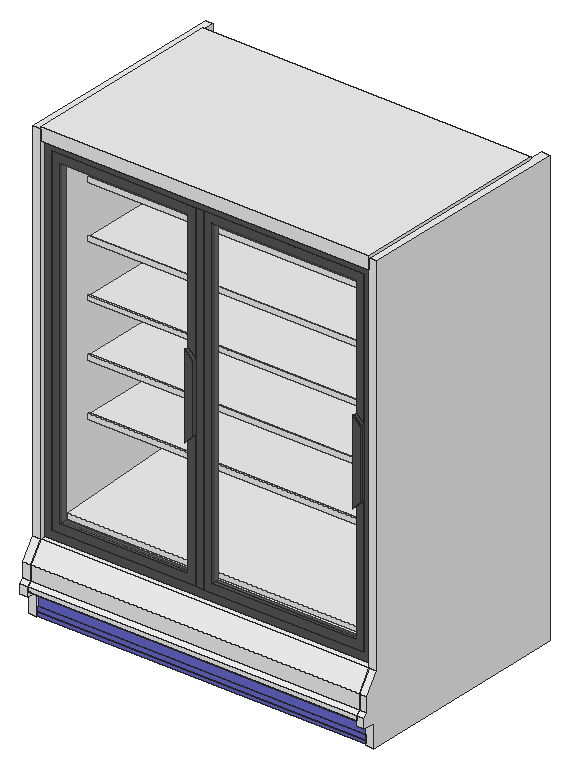
Revit family
Parameters (values of type "RL-2")
  Width = 62"
  Voltage - Electric Defrost [instance] = 208 V
  Voltage [instance] = 120 V
  URL = "www.hussmann.com"
  Type Comments = "LT Reach-In Merchandiser"
  Temp Sensor [instance] = "Low Voltage"
  System Control [instance] = "1.00 A"
  Standard Right End Cap On/Off [instance] = yes
  Standard Left End Cap On/Off [instance] = yes
  Revit Family Dates = "4/23/12PMA(0212)"
  Refrigerant Suction Connection Diameter = 7/8"
  Refrigerant Liquid Connection Diameter = 3/8"
  Refrig. Suction [instance] = "Suction"
  Refrig. Liquid [instance] = "Liquid"
  R.I. RH Doors YES/NO [instance] = no
  R.I. LH Doors YES/NO [instance] = yes
  R.I. - RH Door Swing YES/NO [instance] = no
  R.I. - LH Door Swing YES/NO [instance] = yes
  Phase [instance] = 1
  Number of Shelves = 0
  Model = "RL-2"
  Mirrored Right End Cap On/Off [instance] = no
  Mirrored Left End Cap On/Off [instance] = no
  Manufacturer = "Hussmann Corporation"
  MCA (Min Circ Amp) [instance] = 3.1 A
  Linear Shelf Length = 0"
  Height = 82 3/8"
  Front Height = 0"
  Frequency [instance] = 60 Hz
  Finish_Trim [instance] = Stainless Steel 2
  Finish_Top [instance] = none
  Finish_Shelf [instance] = Stainless Steel
  Finish_Mirror [instance] = none
  Finish_Handle = Metal Black-door
  Finish_Glass [instance] = Glass 2
  Finish_Frame = Metal Black-door
  Finish_Door [instance] = Metal Black-door
  Finish_Case [instance] = Stainless Steel
  Finish_Bumper [instance] = Metal Blue-trim
  Finish_Bracket [instance] = none
  Finish_Base [instance] = Stainless Steel
  Elect. Defrost Amps [instance] = "6.72 A"
  Elect. Def. Amps = 6.72 A
  Drain Pipe Size = "1 1/4\""
  Drain Heaters [instance] = 0.63 A
  Description = "Innovator, Innovator II & Innovator III"
  Depth = 43 3/4"
  Copper-Suction [instance] = Copper
  Copper-Liquid [instance] = Copper
  Case Lights Amps [instance] = "0.36 A"
  Case Lights = 0.36 A
  Case Fans (MCA) [instance] = "3.10 A"
  Assembly Code = ""
Reference planes (in)
  plane 1 "Center (Front/Back)": y = 0
  plane 2: z = 0
  plane 3 "Center (Left/Right)": x = -2.11949
  plane 4: y = -41.625
  plane 5: z = 13
  plane 6: z = 80
  plane 7: z = 82.375
  plane 8: y = -32
  plane 9: y = -43.75
  plane 10: y = -40.75
  plane 11: x = -31.61949
  plane 12: x = 30.38051
  plane 13: x = -28.61949
  plane 14: x = 27.38051
  plane 15: y = -40
  plane 16: y = -39.25
  plane 17 "Dla": x = -2.86949
  plane 18: x = -1.36949
  plane 19: x = 25.88051
  plane 20 "DL": x = -30.11949
  plane 21: x = -15.61949
  plane 22: y = -33.625
Forms (in)
  Extrusion 1, solid, material "Stainless Steel"
    sketch origin (-30.11949, 0, 0) x (0, 1, 0) y (0, 0, 1)
      loop
        line (0, 4.26162) -> (-38.66016, 4.26162) -> (-38.66016, 0) -> (0, 0) -> (0, 4.26162)
    from 0 to -1.5
  Extrusion 2, solid, material "Stainless Steel"
    sketch origin (28.88051, 0, 0) x (0, 1, 0) y (0, 0, 1)
      loop
        line (0, 4.26162) -> (-38.66016, 4.26162) -> (-38.66016, 0) -> (0, 0) -> (0, 4.26162)
    from 0 to 1.5
  Extrusion 3, solid, material "Stainless Steel"
    sketch origin (0, 0, -0.375) x (1, 0, 0) y (0, 1, 0)
      loop
        circle (25.38051, -37) r 0.375
      loop
        circle (25.38051, -37) r 0.36276
      loop
        circle (24.38051, -37) r 0.375
      loop
        circle (24.38051, -37) r 0.36276
      loop
        circle (23.38051, -37) r 0.375
      loop
        circle (23.38051, -37) r 0.36276
      loop
        circle (22.38051, -37) r 0.375
      loop
        circle (22.38051, -37) r 0.36276
      loop
        circle (21.38051, -37) r 0.375
      loop
        circle (21.38051, -37) r 0.36276
    from 4.63662 to 2.98382
  Extrusion 4, solid, material "Stainless Steel"
    sketch origin (0, 0, -0.375) x (1, 0, 0) y (0, 1, 0)
      loop
        circle (-2.86949, -34.625) r 0.625
      loop
        circle (-2.86949, -34.625) r 0.58831
    from 6.42413 to 2.98382
  Extrusion 5, solid, material "Copper" <- "Copper-Suction"
    sketch origin (16.75249, 0, -0.375) x (1, 0, 0) y (0, 1, 0)
      loop
        circle (8.62802, -33) r 0.4375
      loop
        circle (8.62802, -33) r 0.41359
    from 4.26162 to 3.64579
  Extrusion 6, solid, material "Copper" <- "Copper-Liquid"
    sketch origin (16.75249, 0, -0.375) x (1, 0, 0) y (0, 1, 0)
      loop
        circle (7.05443, -33) r 0.1875
      loop
        circle (7.05443, -33) r 0.17284
    from 4.26162 to 3.64579
  Extrusion 7, solid, material "Stainless Steel"
    sketch origin (-30.11949, 0, 0) x (0, -1, 0) y (0, 0, 1)
      loop
        line (0, 1.76162) -> (32, 1.76162) -> (32, 4.26162) -> (0, 4.26162) -> (0, 1.76162)
    from 0.13 to -59
  Extrusion 8, solid, material "Stainless Steel"
    sketch origin (-30.11949, 0, 0) x (0, -1, 0) y (0, 0, 1)
      loop
        line (0.5532, 0) -> (2.8032, 0) -> (2.8032, 1.76162) -> (0.5532, 1.76162) -> (0.5532, 0)
      loop
        line (29.1968, 0) -> (31.4468, 0) -> (31.4468, 1.76162) -> (29.1968, 1.76162) -> (29.1968, 0)
    from 0.13 to -59
  Extrusion 9, solid, material "Stainless Steel"
    sketch origin (-31.61949, 0, 0) x (0, -1, 0) y (0, 0, 1)
      loop
        line (0, 4.26162) -> (2.5, 4.26162) -> (2.5, 49.76162) -> (0, 49.76162) -> (0, 4.26162)
    from 0 to -62
  Extrusion 10, solid, material "Stainless Steel"
    sketch origin (-31.61949, 0, 0) x (0, -1, 0) y (0, 0, 1)
      loop
        line (5, 4.26162) -> (37.75, 4.26162) -> (40.75, 5.99367) -> (40.75, 7.99367) -> (38.5, 7.99367) -> (36.55546, 6.04913) -> (33.05546, 6.04913) -> (32.09633, 7.00826) -> (5.5, 7.93702) -> (5.5, 80) -> (40.75, 80) -> (40.75, 82.375) -> (2.5, 82.375) -> (2.5, 6.76162) -> (5, 4.26162)
    from 0 to -62
  Extrusion 11, solid, material "Stainless Steel"
    sketch origin (-31.61949, 0, 0) x (0, -1, 0) y (0, 0, 1)
      loop
        line (7.75, 7.85845) -> (32.09633, 7.00826) -> (33.05546, 6.04913) -> (36.55546, 6.04913) -> (38.5, 7.99367) -> (37.25, 7.99367) -> (37.25, 13) -> (33.55697, 13.52897) -> (33.55697, 10.65118)
        arc (33.55697, 10.65118) -> (33.26408, 9.94407) -> (32.55697, 9.65118) r 1
        line (32.55697, 9.65118) -> (31.30697, 9.65118)
        arc (31.30697, 9.65118) -> (30.59986, 9.94407) -> (30.30697, 10.65118) r 1
        line (30.30697, 10.65118) -> (30.30697, 13.65118) -> (7.75, 13.65118) -> (7.75, 7.85845)
    from 0 to -62
  Extrusion 12, solid, material "Metal Blue-trim"
    sketch origin (-31.61949, 0, 0) x (0, -1, 0) y (0, 0, 1)
      loop
        line (38.66016, 0) -> (39.66016, 0) -> (39.66016, 0.52548) -> (41.625, 0.19004) -> (41.625, 0.75) -> (41.375, 0.75) -> (41.375, 1) -> (41.625, 1) -> (41.625, 1.75) -> (41.375, 1.75) -> (41.375, 4.55297) -> (39.66016, 4.26162) -> (39.66016, 5.36445) -> (38.66016, 4.7871) -> (38.66016, 0)
    from 0 to -62
  Extrusion 13, solid, material "Stainless Steel"
    sketch origin (-31.61949, 0, 0) x (0, -1, 0) y (0, 0, 1)
      loop
        line (40.75, 5.99367) -> (42.58027, 4.2259) -> (43.75, 5.08872) -> (43.75, 5.96149) -> (43.04431, 6.66718) -> (43.04431, 9.41718) -> (40.75, 12.69379) -> (37.25, 13) -> (37.25, 7.99367) -> (40.75, 7.99367) -> (40.75, 5.99367)
    from 0 to -62
  Extrusion 14, solid
    sketch origin (-31.61949, 0, 0) x (0, -1, 0) y (0, 0, 1)
      loop
        line (30, 77.93638) -> (33, 77.93638) -> (33, 78.93638) -> (30, 78.88401) -> (30, 77.93638)
    from 0 to -62
  Extrusion 15, solid, material "Stainless Steel"
    sketch origin (-31.61949, 0, 0) x (0, -1, 0) y (0, 0, 1)
      loop
        line (7.75, 14.88146) -> (34.54319, 13.47728) -> (34.54319, 14.47866) -> (7.75, 15.88283) -> (7.75, 14.88146)
      loop
        line (7.75, 24.26162) -> (13.81963, 28.51162) -> (26, 28.51162) -> (26, 28.76162) -> (29.5, 28.76162) -> (29.5, 28.26162) -> (29.75, 28.26162) -> (29.75, 29.26162) -> (29.5, 29.26162) -> (29.5, 29.01162) -> (8.5, 29.01162) -> (8.5, 28.01162) -> (7.75, 28.01162) -> (7.75, 24.26162)
      loop
        line (7.75, 34.26162) -> (13.81963, 38.51162) -> (26, 38.51162) -> (26, 38.76162) -> (29.5, 38.76162) -> (29.5, 38.26162) -> (29.75, 38.26162) -> (29.75, 39.26162) -> (29.5, 39.26162) -> (29.5, 39.01162) -> (8.5, 39.01162) -> (8.5, 38.01162) -> (7.75, 38.01162) -> (7.75, 34.26162)
      loop
        line (7.75, 44.26162) -> (13.81963, 48.51162) -> (26, 48.51162) -> (26, 48.76162) -> (29.5, 48.76162) -> (29.5, 48.26162) -> (29.75, 48.26162) -> (29.75, 49.26162) -> (29.5, 49.26162) -> (29.5, 49.01162) -> (8.5, 49.01162) -> (8.5, 48.01162) -> (7.75, 48.01162) -> (7.75, 44.26162)
      loop
        line (7.75, 54.26162) -> (13.81963, 58.51162) -> (26, 58.51162) -> (26, 58.76162) -> (29.5, 58.76162) -> (29.5, 58.26162) -> (29.75, 58.26162) -> (29.75, 59.26162) -> (29.5, 59.26162) -> (29.5, 59.01162) -> (8.5, 59.01162) -> (8.5, 58.01162) -> (7.75, 58.01162) -> (7.75, 54.26162)
      loop
        line (7.75, 64.26162) -> (13.81963, 68.51162) -> (26, 68.51162) -> (26, 68.76162) -> (29.5, 68.76162) -> (29.5, 68.26162) -> (29.75, 68.26162) -> (29.75, 69.26162) -> (29.5, 69.26162) -> (29.5, 69.01162) -> (8.5, 69.01162) -> (8.5, 68.01162) -> (7.75, 68.01162) -> (7.75, 64.26162)
    from 0 to -62
  Extrusion 16, solid, material "Stainless Steel"
    sketch origin (-31.74949, 0, 0) x (0, -1, 0) y (0, 0, 1)
      loop
        line (7.75, 7.85845) -> (7.75, 78.49564) -> (33, 78.93638) -> (33, 80) -> (5.5, 80) -> (5.5, 7.93702) -> (7.75, 7.85845)
    from -0.13 to -62.13
Lines and regions (in)
  symbolic lines
    curve 1: line (-31.61949, -43.75, 0) -> (-31.61949, 0, 0)
    curve 2: line (30.38051, 0, 0) -> (-31.61949, 0, 0)
    curve 3: line (30.38051, 0, 0) -> (30.38051, -43.75, 0)
    curve 4: line (-31.61949, -43.75, 0) -> (30.38051, -43.75, 0)
Dimensions and locks (in)
  plane 1 "Center (Front/Back)" to plane 4 = 41 5/8"
  "Depth": plane 1 "Center (Front/Back)" to plane 9
  level to plane 5 to plane 6 to plane 7 = 13", 67", 2 3/8"
  plane 4 to plane 1 "Center (Front/Back)" = 41 5/8"
  locked: plane 11 to plane 13 at 3
  locked: plane 14 to plane 12 at 3
  "Height": level to plane 7
  plane 11 to plane 12 = 62"
  aligned and locked: plane 12 to Extrusion 13
  aligned and locked: plane 12 to Extrusion 10
  aligned and locked: plane 12 to Extrusion 11
  aligned and locked: Extrusion 8 to Extrusion 2
  aligned and locked: plane 12 to Extrusion 12
  aligned and locked: plane 12 to Extrusion 15
  aligned and locked: plane 12 to Extrusion 14
  aligned and locked: plane 12 to Extrusion 16
  aligned and locked: Extrusion 16 to plane 11
  aligned and locked: Extrusion 13 to plane 11
  aligned and locked: Extrusion 12 to plane 11
  aligned and locked: Extrusion 10 to plane 11
  aligned and locked: Extrusion 11 to plane 11
  aligned and locked: Extrusion 15 to plane 11
  aligned and locked: Extrusion 14 to plane 11
  aligned and locked: Extrusion 9 to plane 11
Automatic sketch dimensions
  curve 1 to plane 11 = 0"
  curve 3 to plane 12 = 0"
  curve 2 to plane 1 "Center (Front/Back)" = 0"
  Extrusion 1 sketch curve to level = 0"
  Extrusion 1 sketch curve to plane 1 "Center (Front/Back)" = 0"
  Extrusion 1 sketch curve to plane 16 = 151/256"
  level to Extrusion 1 sketch curve = 4.26162"
  Extrusion 2 sketch curve to level = 0"
  Extrusion 2 sketch curve to plane 1 "Center (Front/Back)" = 0"
  Extrusion 2 sketch curve to plane 16 = 151/256"
  level to Extrusion 2 sketch curve = 4.26162"
  curve 4 to plane 9 = 0"
  Extrusion 3 sketch curve to Extrusion 3 sketch curve = 0"  (x14)
  Extrusion 3 sketch curve to plane 16 = 2 1/4"
  Extrusion 3 sketch curve to plane 19 = 4 1/2"
  Extrusion 3 sketch curve to Extrusion 3 sketch curve = 1"  (x3)
  Extrusion 3 sketch curve to plane 19 = 1/2"
  Extrusion 4 sketch curve to Extrusion 4 sketch curve = 0"  (x2)
  Extrusion 4 sketch curve to plane 17 "Dla" = 0"
  plane 8 to Extrusion 4 sketch curve = 2 5/8"
  Extrusion 5 sketch curve to Extrusion 5 sketch curve = 0"  (x2)
  plane 8 to Extrusion 5 sketch curve = 1"
  plane 18 to Extrusion 5 sketch curve = 26 3/4"
  Extrusion 6 sketch curve to Extrusion 6 sketch curve = 0"  (x2)
  plane 8 to Extrusion 6 sketch curve = 1"
  plane 18 to Extrusion 6 sketch curve = 25.17641"
  plane 5 to Extrusion 13 sketch curve = 0"
  Extrusion 13 sketch curve to plane 10 = 0"  (x2)
  Extrusion 13 sketch curve to plane 9 = 0"
  Extrusion 13 sketch curve to plane 16 = 2"
  plane 4 to Extrusion 13 sketch curve = 0.95527"
  Extrusion 13 sketch curve to plane 9 = 0.70569"
  plane 5 to Extrusion 13 sketch curve = 0.30621"
  plane 5 to Extrusion 13 sketch curve = 3.58282"
  plane 5 to Extrusion 13 sketch curve = 5.00633"
  Extrusion 13 sketch curve to Extrusion 13 sketch curve = 1.32649"
  Extrusion 13 sketch curve to Extrusion 13 sketch curve = 2"
  Extrusion 13 sketch curve to Extrusion 13 sketch curve = 0.70569"
  Extrusion 13 sketch curve to Extrusion 13 sketch curve = 0.87277"
  Extrusion 13 sketch curve to Extrusion 13 sketch curve = 0.86282"
  plane 7 to Extrusion 10 sketch curve = 0"
  plane 6 to Extrusion 10 sketch curve = 0"
  Extrusion 10 sketch curve to plane 10 = 0"  (x2)
  Extrusion 10 sketch curve to plane 16 = 3/4"
  Extrusion 10 sketch curve to plane 16 = 1 1/2"
  Extrusion 10 sketch curve to Extrusion 10 sketch curve = 1.19454"
  Extrusion 10 sketch curve to plane 22 = 0.56954"
  plane 8 to Extrusion 10 sketch curve = 0.09633"
  plane 1 "Center (Front/Back)" to Extrusion 10 sketch curve = 5 1/2"
  Extrusion 10 sketch curve to Extrusion 10 sketch curve = 1/2"
  plane 1 "Center (Front/Back)" to Extrusion 10 sketch curve = 2 1/2"
  plane 5 to Extrusion 10 sketch curve = 5.00633"
  plane 5 to Extrusion 10 sketch curve = 5.06298"
  plane 5 to Extrusion 10 sketch curve = 5.99174"
  Extrusion 10 sketch curve to Extrusion 10 sketch curve = 1.1754"
  Extrusion 10 sketch curve to Extrusion 10 sketch curve = 0.95913"
  Extrusion 10 sketch curve to Extrusion 10 sketch curve = 2"
  Extrusion 10 sketch curve to Extrusion 10 sketch curve = 2 1/2"
  plane 5 to Extrusion 11 sketch curve = 0"
  plane 1 "Center (Front/Back)" to Extrusion 11 sketch curve = 7 3/4"
  Extrusion 11 sketch curve to plane 8 = 1.69303"
  Extrusion 11 sketch curve to plane 8 = 0.69303"
  plane 8 to Extrusion 11 sketch curve = 0.09633"
  plane 8 to Extrusion 11 sketch curve = 0.55697"
  Extrusion 11 sketch curve to plane 22 = 0.56954"
  Extrusion 11 sketch curve to plane 22 = 0.06803"
  Extrusion 11 sketch curve to plane 16 = 2.69454"
  Extrusion 11 sketch curve to plane 16 = 2"
  Extrusion 11 sketch curve to plane 16 = 3/4"
  plane 5 to Extrusion 11 sketch curve = 2.34882"
  plane 5 to Extrusion 11 sketch curve = 5.00633"
  plane 5 to Extrusion 11 sketch curve = 5.14155"
  Extrusion 11 sketch curve to Extrusion 11 sketch curve = 2.64293"
  Extrusion 11 sketch curve to Extrusion 11 sketch curve = 1.94454"
  Extrusion 11 sketch curve to plane 5 = 0.52897"
  Extrusion 11 sketch curve to plane 5 = 0.65118"
  Extrusion 7 sketch curve to plane 1 "Center (Front/Back)" = 0"
  Extrusion 7 sketch curve to plane 8 = 0"
  level to Extrusion 7 sketch curve = 1.76162"
  Extrusion 7 sketch curve to Extrusion 7 sketch curve = 2 1/2"
  Extrusion 8 sketch curve to level = 0"  (x2)
  plane 1 "Center (Front/Back)" to Extrusion 8 sketch curve = 0.5532"
  Extrusion 8 sketch curve to Extrusion 8 sketch curve = 2 1/4"
  Extrusion 8 sketch curve to plane 8 = 2.8032"
  Extrusion 8 sketch curve to plane 8 = 0.5532"
  Extrusion 8 sketch curve to Extrusion 8 sketch curve = 1.76162"  (x2)
  Extrusion 9 sketch curve to plane 1 "Center (Front/Back)" = 0"
  plane 1 "Center (Front/Back)" to Extrusion 9 sketch curve = 2 1/2"
  level to Extrusion 9 sketch curve = 4.26162"
  plane 6 to Extrusion 9 sketch curve = 30.23838"
  Extrusion 12 sketch curve to level = 0"
  Extrusion 12 sketch curve to plane 4 = 0"  (x2)
  Extrusion 12 sketch curve to plane 4 = 1/4"  (x2)
  plane 15 to Extrusion 12 sketch curve = 87/256"  (x2)
  Extrusion 12 sketch curve to plane 16 = 151/256"
  level to Extrusion 12 sketch curve = 0.19004"
  level to Extrusion 12 sketch curve = 0.52548"
  Extrusion 12 sketch curve to Extrusion 12 sketch curve = 0.55996"
  Extrusion 12 sketch curve to Extrusion 12 sketch curve = 1/4"
  Extrusion 12 sketch curve to Extrusion 12 sketch curve = 3/4"
  Extrusion 12 sketch curve to Extrusion 12 sketch curve = 2.51162"
  Extrusion 12 sketch curve to Extrusion 12 sketch curve = 0.29135"
  Extrusion 12 sketch curve to Extrusion 12 sketch curve = 0.52548"
  Extrusion 12 sketch curve to Extrusion 12 sketch curve = 1.10283"
  Extrusion 15 sketch curve to plane 5 = 1.88146"
  plane 1 "Center (Front/Back)" to Extrusion 15 sketch curve = 7 3/4"  (x5)
  Extrusion 15 sketch curve to Extrusion 15 sketch curve = 0"  (x6)
  Extrusion 15 sketch curve to Extrusion 15 sketch curve = 3/4"  (x5)
  Extrusion 15 sketch curve to Extrusion 15 sketch curve = 5.31963"  (x5)
  Extrusion 15 sketch curve to plane 8 = 6"  (x5)
  Extrusion 15 sketch curve to plane 8 = 2 1/2"  (x5)
  Extrusion 15 sketch curve to Extrusion 15 sketch curve = 1/4"  (x14)
  plane 22 to Extrusion 15 sketch curve = 0.91819"
  Extrusion 15 sketch curve to plane 5 = 1.47866"
  Extrusion 15 sketch curve to plane 5 = 0.47728"
  Extrusion 15 sketch curve to Extrusion 15 sketch curve = 1.00137"
  Extrusion 15 sketch curve to Extrusion 15 sketch curve = 8.37879"
  Extrusion 15 sketch curve to Extrusion 15 sketch curve = 3 3/4"  (x5)
  Extrusion 15 sketch curve to Extrusion 15 sketch curve = 13.78296"
  Extrusion 15 sketch curve to Extrusion 15 sketch curve = 1/2"  (x6)
  Extrusion 15 sketch curve to Extrusion 15 sketch curve = 1"  (x5)
  Extrusion 15 sketch curve to Extrusion 15 sketch curve = 5 1/4"  (x4)
  Extrusion 15 sketch curve to Extrusion 15 sketch curve = 9"  (x4)
  Extrusion 14 sketch curve to plane 8 = 2"
  Extrusion 14 sketch curve to plane 22 = 5/8"
  plane 6 to Extrusion 14 sketch curve = 2.06362"
  Extrusion 14 sketch curve to Extrusion 14 sketch curve = 0.94763"
  Extrusion 14 sketch curve to Extrusion 14 sketch curve = 1"
  plane 6 to Extrusion 16 sketch curve = 0"
  plane 1 "Center (Front/Back)" to Extrusion 16 sketch curve = 5 1/2"
  Extrusion 16 sketch curve to Extrusion 16 sketch curve = 2 1/4"
  Extrusion 16 sketch curve to plane 22 = 5/8"
  Extrusion 16 sketch curve to Extrusion 16 sketch curve = 1.06362"
  plane 6 to Extrusion 16 sketch curve = 1.50436"
  plane 5 to Extrusion 16 sketch curve = 5.06298"
  Extrusion 16 sketch curve to Extrusion 16 sketch curve = 0.07857"
  radius of Extrusion 3 sketch curve = 3/8"  (x5)
  radius of Extrusion 3 sketch curve = 0.36276"  (x5)
  radius of Extrusion 4 sketch curve = 5/8"
  radius of Extrusion 4 sketch curve = 0.58831"
  radius of Extrusion 5 sketch curve = 7/16"
  radius of Extrusion 5 sketch curve = 0.41359"
  radius of Extrusion 6 sketch curve = 3/16"
  radius of Extrusion 6 sketch curve = 0.17284"
Nested families (in)
  nested 1: "Case Model TXT" at (-1.66298, -8.16055, -0.375), type "Case Model TXT"
  nested 2: "RL-INNOVATORII_END PANEL" at (-29.5, 0, 0), visible <- "Standard Left End Cap On/Off", type "RL-End Panel Mirrored"
    with Serial Number "N/A", Remarks "N/A", Received By "N/A", Furnished By "N/A", Finish_Trim Stainless Steel 2, Finish_Top none, Finish_Shelf Stainless Steel, Finish_Glass Glass 2, Finish_Door Metal Black-Door, Finish_Case Stainless Steel, Finish_Bumper Metal Blue-trim, Finish_Base Stainless Steel, Final Hookup By "N/A", Assembled By "N/A"
  nested 3: "RL-INNOVATORII_END PANEL" at (34, 0, 0), visible <- "Standard Right End Cap On/Off", type "RL-End Panel Mirrored"
    with Serial Number "N/A", Remarks "N/A", Received By "N/A", Furnished By "N/A", Finish_Trim Stainless Steel 2, Finish_Top none, Finish_Shelf Stainless Steel, Finish_Glass Glass 2, Finish_Door Metal Black-Door, Finish_Case Stainless Steel, Finish_Bumper Metal Blue-trim, Finish_Base Stainless Steel, Final Hookup By "N/A", Assembled By "N/A"
  nested 4: "RL-INNOVATORII_END CAP MIRRORED" at (-29.5, 0, 0), visible <- "Mirrored Left End Cap On/Off", type "RL-End Panel Mirrored"
    with Serial Number "N/A", Remarks "N/A", Received By "N/A", Furnished By "N/A", Finish_Trim Stainless Steel 2, Finish_Top none, Finish_Shelf Stainless Steel, Finish_Glass Glass 2, Finish_Door Metal Black-Door, Finish_Case Stainless Steel, Finish_Bumper Metal Blue-trim, Finish_Base Stainless Steel, Final Hookup By "N/A", Assembled By "N/A"
  nested 5: "RL-INNOVATORII_END CAP MIRRORED" at (34, 0, 0), visible <- "Mirrored Right End Cap On/Off", type "RL-End Panel Mirrored"
    with Serial Number "N/A", Remarks "N/A", Received By "N/A", Furnished By "N/A", Finish_Trim Stainless Steel 2, Finish_Top none, Finish_Shelf Stainless Steel, Finish_Glass Glass 2, Finish_Door Metal Black-Door, Finish_Case Stainless Steel, Finish_Bumper Metal Blue-trim, Finish_Base Stainless Steel, Final Hookup By "N/A", Assembled By "N/A"
  nested 6: "Case Nodes" at (-15.61949, -41.625, 0), type "Case Nodes"
  nested 7: "Case Nodes" at (25.38102, -33, 0), type "Case Nodes"
  nested 8: "Case Nodes" at (25.3797, -36.99947, 0), type "Case Nodes"
  nested 9: "Case Nodes" at (-15.61949, -33.625, 0), type "Case Nodes"
  nested 10: "RL_2DR-LH" at (0, 0, 0), visible <- "R.I. LH Doors YES/NO", type "RL_2DR-LH"
    with Finish_Glass Glass 2, Finish_Door Metal Black-door
  nested 11: "RL_2DR-RH" at (0, 0, 0), visible <- "R.I. RH Doors YES/NO", type "RL_2DR-RH"
    with Finish_Glass Glass 2, Finish_Door Metal Black-door
  nested 12: "RL_2DR-LHDS" at (0, -3.75, 0), visible <- "R.I. - LH Door Swing YES/NO", type "RL_2DR-LHDS"
  nested 13: "RL_2DR-RHDS" at (0, -3.75, 0), visible <- "R.I. - RH Door Swing YES/NO", type "RL_2DR-RHDS"
    with Finish_Glass Glass 2, Finish_Door Metal Black-door
Connectors (in)
  electrical at (25.38051, -37, 2.60882), driven by "Phase", driven by "Voltage - Electric Defrost", driven by "Elect. Defrost Amps"
    settings: on Extrusion 3, index 11, voltage 208 V, apparent load 0 VA, apparent load phase1 0 VA, apparent load phase2 0 VA, apparent load phase3 0 VA, power factor 1, load classification "Power", number of poles 1, system type 30, power factor state 1, is connector primary yes, connector utility no, sub classification motor no, connector description "6.72 A"
  electrical at (24.38051, -37, 2.60882), driven by "Phase", driven by "Voltage", driven by "Case Fans (MCA)"
    settings: on Extrusion 3, index 12, voltage 120 V, apparent load 0 VA, apparent load phase1 0 VA, apparent load phase2 0 VA, apparent load phase3 0 VA, power factor 1, load classification "Power", number of poles 1, system type 30, power factor state 1, is connector primary no, connector utility no, sub classification motor no, connector description "3.10 A"
  electrical at (23.38051, -37, 2.60882), driven by "Phase", driven by "Voltage", driven by "Case Lights Amps"
    settings: on Extrusion 3, index 13, voltage 120 V, apparent load 0 VA, apparent load phase1 0 VA, apparent load phase2 0 VA, apparent load phase3 0 VA, power factor 1, load classification "Lighting", number of poles 1, system type 30, power factor state 1, is connector primary no, connector utility no, sub classification motor no, connector description "0.36 A"
  electrical at (22.38051, -37, 2.60882), driven by "System Control"
    settings: on Extrusion 3, index 14, voltage 0 V, apparent load 0 VA, apparent load phase1 0 VA, apparent load phase2 0 VA, apparent load phase3 0 VA, power factor 1, load classification "Other", number of poles 1, system type 13, power factor state 1, is connector primary no, connector utility no, sub classification motor no, connector description "1.00 A"
  electrical at (21.38051, -37, 2.60882), driven by "Temp Sensor"
    settings: on Extrusion 3, index 15, voltage 0 V, apparent load 0 VA, apparent load phase1 0 VA, apparent load phase2 0 VA, apparent load phase3 0 VA, power factor 1, load classification "Other", number of poles 1, system type 14, power factor state 1, is connector primary no, connector utility no, sub classification motor no, connector description "Low Voltage"
  piping at (-2.86949, -34.625, 2.60882), driven by "Drain Pipe Size"
    settings: on Extrusion 4, index 16, connector radius 5/8", flow factor 0, pipe flow 0 GPM, pressure drop 0.00 psi, fitting loss kfactor 0, connector angle 0.00°, fixture units 0, flow configuration 0, flow direction 0, fitting loss method 0, system type 16, connector reference index -1, connector utility 0, adjustable connector no, is connector primary yes, fitting loss table "", connector description "1 1/4\""
  piping at (25.38051, -33, 3.27079), driven by "Refrig. Suction"
    settings: on Extrusion 5, index 17, connector radius 7/16", flow factor 0, pipe flow 0 GPM, pressure drop 0.00 psi, fitting loss kfactor 0, connector angle 0.00°, fixture units 0, flow configuration 0, flow direction 2, fitting loss method 0, system type 22, connector reference index -1, connector utility 0, adjustable connector no, is connector primary no, fitting loss table "", connector description "Suction"
  piping at (23.80692, -33, 3.27079), driven by "Refrig. Liquid"
    settings: on Extrusion 6, index 18, connector radius 3/16", flow factor 0, pipe flow 0 GPM, pressure drop 0.00 psi, fitting loss kfactor 0, connector angle 0.00°, fixture units 0, flow configuration 0, flow direction 1, fitting loss method 0, system type 22, connector reference index -1, connector utility 0, adjustable connector no, is connector primary no, fitting loss table "", connector description "Liquid"
Definition of nested family "RL-INNOVATORII_END PANEL"
  Parameters (values of type "RL-End Panel Mirrored")
    Width = 1 1/2"
    Watts = ""
    Volts = ""
    URL = "www.hussmann.com"
    Type Comments = "N/A"
    Telephone = no
    Serial Number [instance] = "N/A"
    Remarks [instance] = "N/A"
    Refrigerant Type = "N/A"
    Received By [instance] = "N/A"
    Prototype = no
    Power = "N/A"
    PO Template = no
    Number of Shelves = 0
    Model = "RL- Mirrored End Panel"
    Manufacturer = "Hussmann"
    Linear Shelf Length = 0"
    Item = "N/A"
    Install Date - Actual = "N/A"
    Install Data - Projected = "N/A"
    Hot Water = no
    Height = 82"
    HP = ""
    Gas Type = "N/A"
    Gas Pipe Size = "N/A"
    Furnished By [instance] = "N/A"
    Front Height = 0"
    Finish_Trim [instance] = Stainless Steel 2
    Finish_Top [instance] = none
    Finish_Shelf [instance] = Stainless Steel
    Finish_Handle = Metal Black-Door
    Finish_Glass [instance] = Glass 2
    Finish_Frame = Metal Black-Door
    Finish_Door [instance] = Metal Black-Door
    Finish_Case [instance] = Stainless Steel
    Finish_Bumper [instance] = Metal Blue-trim
    Finish_Base [instance] = Stainless Steel
    Final Hookup By [instance] = "N/A"
    Evap Temp = ""
    EMS = no
    Drain Pipe Size = "N/A"
    Divisional Use = "N/A"
    Description 2 = "Impact Merchandiser"
    Description = "Low Temperature Reach-in(Food or Ice Cream)"
    Depth = 43 3/4"
    Data = "N/A"
    Cold Water = no
    Class Code = "N/A"
    Category = "N/A"
    BTU Rating = "N/A"
    Assembly Code = "E1090320"
    Assembled By [instance] = "N/A"
    Amps = ""
    Accessories/Options = "N/A"
  Reference planes (in)
    plane 1 "Center (Front/Back)": y = 0
    plane 2: z = 0
    plane 3: y = -43.75
  Forms (in)
    Extrusion 1, solid, material "Stainless Steel" <- "Finish_Case"
      sketch origin (-3.61949, 0, 0) x (0, 1, 0) y (0, 0, 1)
        loop
          line (0, 82) -> (-40.75, 82) -> (-40.75, 12.69379) -> (-43.04431, 9.41718) -> (-43.04431, 6.66718) -> (-43.75, 5.96149) -> (-43.75, 4.2259) -> (-41.5625, 4.2259) -> (-41.5625, 0) -> (0, 0) -> (0, 82)
      from 0 to 1.5
  Lines and regions (in)
    symbolic lines
      curve 1: line (-3.61949, 0, 0) -> (-2.11949, 0, 0)
      curve 2: line (-3.61949, -43.75, 0) -> (-3.61949, 0, 0)
      curve 3: line (-2.11949, -43.75, 0) -> (-3.61949, -43.75, 0)
      curve 4: line (-2.11949, 0, 0) -> (-2.11949, -43.75, 0)
  Dimensions and locks (in)
    plane 3 to plane 1 "Center (Front/Back)" = 43 3/4"
    Extrusion 1 to Extrusion 1 = 1 1/2"
    locked: Extrusion 1 to Extrusion 1 at 1.5  (x2)
    locked: Extrusion 1 to level at 82
    locked: plane 1 "Center (Front/Back)" to plane 3 at 43.75
    aligned: curve 1 to Extrusion 1  (x2)
    aligned: curve 4 to Extrusion 1  (x2)
Definition of nested family "RL-INNOVATORII_END CAP MIRRORED"
  Parameters (values of type "RL-End Panel Mirrored")
    Width = 1 1/2"
    Watts = ""
    Volts = ""
    URL = "www.hussmann.com"
    Type Comments = "N/A"
    Telephone = no
    Serial Number [instance] = "N/A"
    Remarks [instance] = "N/A"
    Refrigerant Type = "N/A"
    Received By [instance] = "N/A"
    Prototype = no
    Power = "N/A"
    PO Template = no
    Number of Shelves = 0
    Model = "RL- Mirrored End Panel"
    Manufacturer = "Hussmann"
    Linear Shelf Length = 0"
    Item = "N/A"
    Install Date - Actual = "N/A"
    Install Data - Projected = "N/A"
    Hot Water = no
    Height = 82"
    HP = ""
    Gas Type = "N/A"
    Gas Pipe Size = "N/A"
    Furnished By [instance] = "N/A"
    Front Height = 0"
    Finish_Trim [instance] = Stainless Steel 2
    Finish_Top [instance] = none
    Finish_Shelf [instance] = Stainless Steel
    Finish_Handle = Metal Black-Door
    Finish_Glass [instance] = Glass 2
    Finish_Frame = Metal Black-Door
    Finish_Door [instance] = Metal Black-Door
    Finish_Case [instance] = Stainless Steel
    Finish_Bumper [instance] = Metal Blue-trim
    Finish_Base [instance] = Stainless Steel
    Final Hookup By [instance] = "N/A"
    Evap Temp = ""
    EMS = no
    Drain Pipe Size = "N/A"
    Divisional Use = "N/A"
    Description 2 = "Impact Merchandiser"
    Description = "Low Temperature Reach-in(Food or Ice Cream)"
    Depth = 43 3/4"
    Data = "N/A"
    Cold Water = no
    Class Code = "N/A"
    Category = "N/A"
    BTU Rating = "N/A"
    Assembly Code = "E1090320"
    Assembled By [instance] = "N/A"
    Amps = ""
    Accessories/Options = "N/A"
  Reference planes (in)
    plane 1 "Center (Front/Back)": y = 0
    plane 2: z = 0
    plane 3: y = -43.75
  Forms (in)
    Extrusion 1, solid, material "Stainless Steel" <- "Finish_Case"
      sketch origin (-3.61949, 0, 0) x (0, 1, 0) y (0, 0, 1)
        loop
          line (0, 82) -> (-40.75, 82) -> (-40.75, 12.69379) -> (-43.04431, 9.41718) -> (-43.04431, 6.66718) -> (-43.75, 5.96149) -> (-43.75, 4.2259) -> (-41.5625, 4.2259) -> (-41.5625, 0) -> (0, 0) -> (0, 82)
      from 0 to 1.5
  Lines and regions (in)
    symbolic lines
      curve 1: line (-3.61949, 0, 0) -> (-2.11949, 0, 0)
      curve 2: line (-3.61949, -43.75, 0) -> (-3.61949, 0, 0)
      curve 3: line (-2.11949, -43.75, 0) -> (-3.61949, -43.75, 0)
      curve 4: line (-2.11949, 0, 0) -> (-2.11949, -43.75, 0)
  Dimensions and locks (in)
    plane 3 to plane 1 "Center (Front/Back)" = 43 3/4"
    Extrusion 1 to Extrusion 1 = 1 1/2"
    locked: Extrusion 1 to Extrusion 1 at 1.5  (x2)
    locked: Extrusion 1 to level at 82
    locked: plane 1 "Center (Front/Back)" to plane 3 at 43.75
    aligned: curve 1 to Extrusion 1  (x2)
    aligned: curve 4 to Extrusion 1  (x2)
Definition of nested family "RL_2DR-LH"
  Parameters (values of type "RL_2DR-LH")
    URL = "www.hussmann.com"
    Type Comments = ""
    Revit Family Dates = "5/18/12PMA"
    Model = ""
    Manufacturer = "Hussmann Corporation"
    Finish_Glass [instance] = Glass 2
    Finish_Frame = Metal Black-door
    Finish_Door [instance] = Metal Black-door
    Description = "LH Reach-In Doors for RL-2 Merchandiser"
    Assembly Code = ""
  Reference planes (in)
    plane 1 "Center (Front/Back)": y = 0
    plane 2: z = 0
    plane 3 "Center (Left/Right)": x = -2.11949
    plane 4: y = -41.625
    plane 5: z = 13
    plane 6: z = 80
    plane 7: z = 82.375
    plane 8: y = -32
    plane 9: y = -43.75
    plane 10: y = -40.75
    plane 11: x = -31.61949
    plane 12: x = 30.38051
    plane 13: x = -28.61949
    plane 14: x = 27.38051
    plane 15: y = -40
    plane 16: y = -39.25
    plane 17 "Dla": x = -2.86949
    plane 18: x = -1.36949
    plane 19: x = 25.88051
    plane 20 "DL": x = -30.11949
    plane 21: x = -15.61949
    plane 22: y = -33.625
  Forms (in)
    Sweep 1, solid, material "Metal Black-door" <- "Finish_Frame"
      path origin (0, 0, 0) x (1, 0, 0) y (0, 0, 1)
        loop
          line (30.38051, 80) -> (-31.61949, 80) -> (-31.61949, 13) -> (30.38051, 13) -> (30.38051, 80)
      profile origin (-0.61949, 0, 80) x (0, 0, -1) y (0, -1, 0)
        loop
          line (0, 38.5) -> (1.5, 38.5) -> (1.5, 40) -> (0, 40) -> (0, 38.5)
    Extrusion 2, solid, material "Metal Black-door" <- "Finish_Frame"
      sketch origin (-2.11949, 0, 0) x (0, 1, 0) y (0, 0, 1)
        loop
          line (-40, 78.5) -> (-40, 14.5) -> (-38.5, 14.5) -> (-38.5, 78.5) -> (-40, 78.5)
      from 0.75 to -0.75
    Extrusion 3, solid, material "Metal Black-door" <- "Finish_Door"
      sketch origin (0, -40, 0) x (0, 0, 1) y (1, 0, 0)
        loop
          line (14.5, -2.86949) -> (14.5, -30.11949) -> (78.5, -30.11949) -> (78.5, -2.86949) -> (14.5, -2.86949)
        loop
          line (16, -28.61949) -> (77, -28.61949) -> (77, -4.36949) -> (16, -4.36949) -> (16, -28.61949)
        loop
          line (14.5, 28.88051) -> (14.5, -1.36949) -> (78.5, -1.36949) -> (78.5, 28.88051) -> (14.5, 28.88051)
        loop
          line (16, 0.13051) -> (77, 0.13051) -> (77, 27.38051) -> (16, 27.38051) -> (16, 0.13051)
      from 0 to 1.5
    Extrusion 4, solid, material "Glass 2" <- "Finish_Glass"
      sketch origin (0, -39.25, 0) x (1, 0, 0) y (0, 0, 1)
        loop
          line (-28.61949, 16) -> (-4.36949, 16) -> (-4.36949, 77) -> (-28.61949, 77) -> (-28.61949, 16)
        loop
          line (0.13051, 16) -> (27.38051, 16) -> (27.38051, 77) -> (0.13051, 77) -> (0.13051, 16)
      from 0.13 to -0.13
    Extrusion 5, solid, material "Metal Black-door"
      sketch origin (9.78125, -3.125, 31.9375) x (1, 0, 0) y (0, 0, 1)
        loop
          line (-14.15074, 7.04105) -> (-14.15074, 6.6875) -> (-12.65074, 8.1875) -> (-12.65074, 20.9375) -> (-14.15074, 22.4375) -> (-14.15074, 22.08395) -> (-12.90074, 20.83395) -> (-12.90074, 8.29105) -> (-14.15074, 7.04105)
      from 36.875 to 37.375
    Extrusion 6, solid, material "Metal Black-door"
      sketch origin (9.78125, -40.5, 31.9375) x (1, 0, 0) y (0, 0, 1)
        loop
          line (-12.65074, 20.9375) -> (-14.15074, 22.4375) -> (-14.15074, 6.6875) -> (-12.65074, 8.1875) -> (-12.65074, 20.9375)
      from 0.25 to 0
    Extrusion 7, solid, material "Metal Black-door"
      sketch origin (41.53125, -3.125, 31.9375) x (1, 0, 0) y (0, 0, 1)
        loop
          line (-14.15074, 7.04105) -> (-14.15074, 6.6875) -> (-12.65074, 8.1875) -> (-12.65074, 20.9375) -> (-14.15074, 22.4375) -> (-14.15074, 22.08395) -> (-12.90074, 20.83395) -> (-12.90074, 8.29105) -> (-14.15074, 7.04105)
      from 36.875 to 37.375
    Extrusion 8, solid, material "Metal Black-door"
      sketch origin (41.53125, -40.5, 31.9375) x (1, 0, 0) y (0, 0, 1)
        loop
          line (-12.65074, 20.9375) -> (-14.15074, 22.4375) -> (-14.15074, 6.6875) -> (-12.65074, 8.1875) -> (-12.65074, 20.9375)
      from 0.25 to 0
  Cuts and joins
    joined: Extrusion 5, Extrusion 6
  Dimensions and locks (in)
    aligned: Extrusion 3 sketch curve to Extrusion 4  (x4)
    aligned: Extrusion 3 to Extrusion 7
    aligned and locked: Extrusion 3 to plane 14
Definition of nested family "RL_2DR-RH"
  Parameters (values of type "RL_2DR-RH")
    URL = "www.hussmann.com"
    Type Comments = ""
    Revit Family Dates = "5/18/12PMA"
    Model = ""
    Manufacturer = "Hussmann Corporation"
    Finish_Glass [instance] = Glass 2
    Finish_Frame = Metal Black-door
    Finish_Door [instance] = Metal Black-door
    Description = "LR Reach-In Doors for RL-2 Merchandiser"
    Assembly Code = ""
  Reference planes (in)
    plane 1 "Center (Front/Back)": y = 0
    plane 2: z = 0
    plane 3 "Center (Left/Right)": x = -2.11949
    plane 4: y = -41.625
    plane 5: z = 13
    plane 6: z = 80
    plane 7: z = 82.375
    plane 8: y = -32
    plane 9: y = -43.75
    plane 10: y = -40.75
    plane 11: x = -31.61949
    plane 12: x = 30.38051
    plane 13: x = -28.61949
    plane 14: x = 27.38051
    plane 15: y = -40
    plane 16: y = -39.25
    plane 17 "Dla": x = -2.86949
    plane 18: x = -1.36949
    plane 19: x = 25.88051
    plane 20 "DL": x = -30.11949
    plane 21: x = -15.61949
    plane 22: y = -33.625
  Forms (in)
    Sweep 1, solid, material "Metal Black-door" <- "Finish_Frame"
      path origin (0, 0, 0) x (1, 0, 0) y (0, 0, 1)
        loop
          line (-31.61949, 80) -> (-31.61949, 13) -> (30.38051, 13) -> (30.38051, 80) -> (-31.61949, 80)
      profile origin (-0.61949, 0, 80) x (0, 0, 1) y (0, -1, 0)
        loop
          line (0, 38.5) -> (0, 40) -> (-1.5, 40) -> (-1.5, 38.5) -> (0, 38.5)
    Extrusion 2, solid, material "Metal Black-door" <- "Finish_Frame"
      sketch origin (-2.11949, 0, 0) x (0, 1, 0) y (0, 0, 1)
        loop
          line (-40, 78.5) -> (-40, 14.5) -> (-38.5, 14.5) -> (-38.5, 78.5) -> (-40, 78.5)
      from 0.75 to -0.75
    Extrusion 3, solid, material "Metal Black-door" <- "Finish_Door"
      sketch origin (0, -40, 0) x (0, 0, 1) y (1, 0, 0)
        loop
          line (14.5, -2.86949) -> (14.5, -30.11949) -> (78.5, -30.11949) -> (78.5, -2.86949) -> (14.5, -2.86949)
        loop
          line (14.5, 28.88051) -> (14.5, -1.36949) -> (78.5, -1.36949) -> (78.5, 28.88051) -> (14.5, 28.88051)
        loop
          line (16, -28.61949) -> (77, -28.61949) -> (77, -4.36949) -> (16, -4.36949) -> (16, -28.61949)
        loop
          line (16, 0.13051) -> (77, 0.13051) -> (77, 27.38051) -> (16, 27.38051) -> (16, 0.13051)
      from 0 to 1.5
    Extrusion 4, solid, material "Glass 2" <- "Finish_Glass"
      sketch origin (0, -39.25, 0) x (1, 0, 0) y (0, 0, 1)
        loop
          line (-4.36949, 16) -> (-4.36949, 77) -> (-28.61949, 77) -> (-28.61949, 16) -> (-4.36949, 16)
        loop
          line (27.38051, 16) -> (27.38051, 77) -> (0.13051, 77) -> (0.13051, 16) -> (27.38051, 16)
      from 0.13 to -0.13
    Extrusion 5, solid, material "Metal Black-door"
      sketch origin (-14.02022, -3.125, 31.9375) x (-1, 0, 0) y (0, 0, -1)
        loop
          line (-14.15074, -7.04105) -> (-12.90074, -8.29105) -> (-12.90074, -20.83395) -> (-14.15074, -22.08395) -> (-14.15074, -22.4375) -> (-12.65074, -20.9375) -> (-12.65074, -8.1875) -> (-14.15074, -6.6875) -> (-14.15074, -7.04105)
      from 36.875 to 37.375
    Extrusion 6, solid, material "Metal Black-door"
      sketch origin (-14.02022, -40.5, 31.9375) x (-1, 0, 0) y (0, 0, -1)
        loop
          line (-14.15074, -22.4375) -> (-12.65074, -20.9375) -> (-12.65074, -8.1875) -> (-14.15074, -6.6875) -> (-14.15074, -22.4375)
      from 0.25 to 0
    Extrusion 7, solid, material "Metal Black-door"
      sketch origin (-42.77022, -3.125, 31.9375) x (-1, 0, 0) y (0, 0, -1)
        loop
          line (-14.15074, -7.04105) -> (-12.90074, -8.29105) -> (-12.90074, -20.83395) -> (-14.15074, -22.08395) -> (-14.15074, -22.4375) -> (-12.65074, -20.9375) -> (-12.65074, -8.1875) -> (-14.15074, -6.6875) -> (-14.15074, -7.04105)
      from 36.875 to 37.375
    Extrusion 8, solid, material "Metal Black-door"
      sketch origin (-42.77022, -40.5, 31.9375) x (-1, 0, 0) y (0, 0, -1)
        loop
          line (-14.15074, -6.6875) -> (-14.15074, -22.4375) -> (-12.65074, -20.9375) -> (-12.65074, -8.1875) -> (-14.15074, -6.6875)
      from 0.25 to 0
  Dimensions and locks (in)
    aligned and locked: Extrusion 3 sketch curve to Sweep 1
Definition of nested family "Case Model TXT"
  Parameters (values of type "Case Model TXT")
    Case Model = ""
  Reference planes (in)
    plane 1: y = 0
    plane 2: x = 0
  Text (in)
    label "RI3-10" at (-0.01571, -0.00721, 0), shows "Case Model"
Definition of nested family "Case Nodes"
  Reference planes (in)
    plane 1 "Center (Front/Back)": y = 0
    plane 2: z = 0
    plane 3 "Center (Left/Right)": x = 0
  Lines and regions (in)
    model lines, style "InvisibleLines"
      curve 1: line (2.12132, 2.12132, 0) -> (-2.12132, -2.12132, 0)
      curve 2: line (-2.12132, 2.12132, 0) -> (2.12132, -2.12132, 0)
  Dimensions and locks (in)
    aligned and locked: plane 2 to level
Definition of nested family "RL_2DR-LHDS"
  Parameters (values of type "RL_2DR-LHDS")
    URL = "www.hussmann.com"
    Type Comments = ""
    Revit Family Dates = "5/18/12PMA"
    Model = ""
    Manufacturer = "Hussmann Corporation"
    Description = "LH Reach-In Door Swings for RL-2 Merchandiser"
    Assembly Code = ""
  Reference planes (in)
    plane 1 "Center (Front/Back)": y = 0
    plane 2: z = 0
    plane 3 "Center (Left/Right)": x = -2.11949
    plane 4: y = -41.625
    plane 5: z = 13
    plane 6: z = 80
    plane 7: z = 82.375
    plane 8: y = -32
    plane 9: y = -43.75
    plane 10: y = -40.75
    plane 11: x = -31.61949
    plane 12: x = 30.38051
    plane 13: x = -28.61949
    plane 14: x = 27.38051
    plane 15: y = -40
    plane 16: y = -39.25
    plane 17 "Dla": x = -2.86949
    plane 18: x = -1.36949
    plane 19: x = 25.88051
    plane 20 "DL": x = -30.11949
    plane 21: x = -15.61949
    plane 22: y = -33.625
    plane 23: y = -67.25
    plane 24: x = 28.88051
  Lines and regions (in)
    symbolic lines
      curve 1: line (-30.11949, -40, 0) -> (-30.11949, -67.25, 0)
      curve 2: arc (-30.11949, -67.25, 0) -> (-10.85083, -59.26866, 0) -> (-2.86949, -40, 0) r 27.25
      curve 3: line (-1.36949, -40, 0) -> (-1.36949, -67.25, 0)
      curve 4: arc (-1.36949, -67.25, 0) -> (19.63245, -60.14894, 0) -> (28.88051, -40, 0) r 27.98799
  Dimensions and locks (in)
    plane 1 "Center (Front/Back)" to plane 4 = 41 5/8"
Definition of nested family "RL_2DR-RHDS"
  Parameters (values of type "RL_2DR-RHDS")
    URL = "www.hussmann.com"
    Type Comments = ""
    Revit Family Dates = "5/18/12PMA"
    Model = ""
    Manufacturer = "Hussmann Corporation"
    Finish_Glass [instance] = Glass 2
    Finish_Frame = Metal Black-door
    Finish_Door [instance] = Metal Black-door
    Description = "LR Reach-In Doors for RL-2 Merchandiser"
    Assembly Code = ""
  Reference planes (in)
    plane 1 "Center (Front/Back)": y = 0
    plane 2: z = 0
    plane 3 "Center (Left/Right)": x = -2.11949
    plane 4: y = -41.625
    plane 5: z = 13
    plane 6: z = 80
    plane 7: z = 82.375
    plane 8: y = -32
    plane 9: y = -43.75
    plane 10: y = -40.75
    plane 11: x = -31.61949
    plane 12: x = 30.38051
    plane 13: x = -28.61949
    plane 14: x = 27.38051
    plane 15: y = -40
    plane 16 "Dla": x = -2.86949
    plane 17: x = -1.36949
    plane 18: x = 25.88051
    plane 19 "DL": x = -30.11949
    plane 20: x = -15.61949
    plane 21: y = -33.625
    plane 22: y = -67.25
  Lines and regions (in)
    symbolic lines
      curve 1: line (28.88051, -67.25, 0) -> (28.88051, -40, 0)
      curve 2: arc (28.88051, -67.25, 0) -> (7.74656, -60.29549, 0) -> (-1.36949, -40, 0) r 27.56816
      curve 3: line (-2.86949, -40, 0) -> (-2.86949, -67.25, 0)
      curve 4: arc (-2.86949, -67.25, 0) -> (-22.13815, -59.26866, 0) -> (-30.11949, -40, 0) r 27.25
